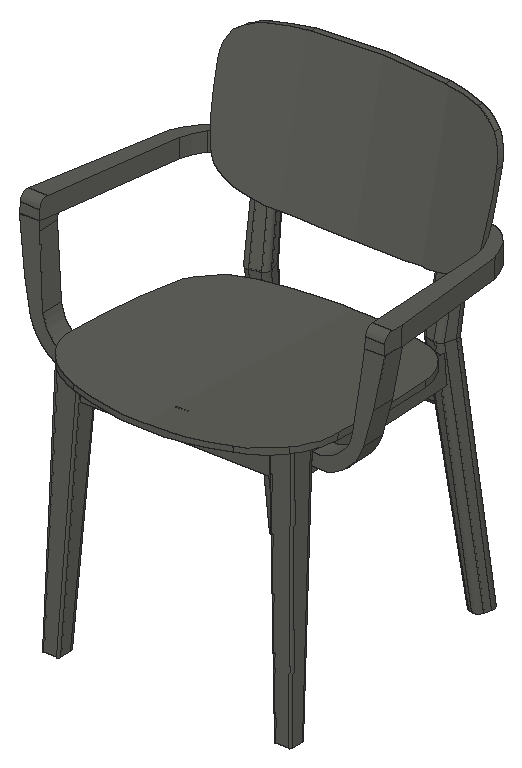
Revit family "FU_Chair_Sandler_Celina 2-12", category Furniture, Revit 2020
Family settings
  OmniClass Number = 23.40.20.00
  OmniClass Title = General Furniture and Specialties
  Work Plane-Based = No
  Always vertical = Yes
  Cut with Voids When Loaded = No
  Shared = No
  Room Calculation Point = No
Parameters (values of type "Celina 2.12")
  Width = 500 mm
  URL = "https://www.sandlerseating.com/product/celina-2-12/"
  Model = "Celina 2.12"
  Manufacturer = "Sandler"
  Height = 820 mm
  Frame = Wood - Beech - Black Stain
  Description = "Armchair with seat and wooden back. The frame is in solid beech."
  Depth = 550 mm
  Default Elevation = 0 mm
  Arm Width = 650 mm
Reference planes
  plane 1 "Center (Front/Back)": y = 0
  plane 2: z = 0
  plane 3 "Center (Left/Right)": x = 0
  plane 4 "Right": x = -250
  plane 5 "Left": x = 250
  plane 6 "Back": y = 275
  plane 7 "Front": y = -275
  plane 8 "Height": z = 820
  plane 9 "Seat height": z = 460
  plane 10 "Right Arm": x = -325
  plane 11 "Left Arm": x = 325
  plane 12 "FL C FRONT": through (206.59, -1524, 5.36) normal (-0.9994, 0, -0.0359)
  plane 13 "BL C Front": through (-178.282, -1524, 5.132) normal (-0.9999, 0, 0.0103)
  plane 14 "FL C RIGHT": through (4267.2, -211.114, 5.562) normal (0, -0.9986, 0.0521)
  plane 15: through (4267.2, 255.502, 4.2) normal (0, -0.9887, -0.1501)
  plane 16: through (4267.2, 190.415, 493.994) normal (0, -0.984, 0.1783)
Forms (mm)
  Sweep 1, solid, material "Wood - Beech - Black Stain" <- "Frame"
    path origin (0.119, 29.292, 439.708) x (0, 0.99863, -0.052336) y (1, 0, 0)
      loop
        line (-311.844, 0) -> (171.86, 0)
    profile "Pro_celina_Seat : Pro_celina_Seat" origin (0.119, -40.604, 443.371) x (1, 0, 0) y (0, -0.052336, -0.99863)
      loop
        arc (237.5, -12.54) -> (0, 0) -> (-237.5, -12.54) r 2255.339
        line (-237.5, -12.54) -> (-237.5, -22.54)
        arc (-237.5, -22.54) -> (0, -10) -> (237.5, -22.54) r 2255.339
        line (237.5, -22.54) -> (237.5, -12.54)
  Extrusion 2, void
    sketch origin (0.119, -20.296, 502.02) x (-1, 0, 0) y (0, -1, 0)
      loop
        line (248.521, -230.925) -> (248.521, 269.075) -> (-251.479, 269.075) -> (-251.479, -230.925) -> (248.521, -230.925)
      loop
        arc (141.879, 235.713) -> (0.119, 256.987) -> (-141.64, 235.713) r 482.927
        arc (-141.64, 235.713) -> (-177.703, 219.068) -> (-208.046, 193.437) r 148.11
        arc (-208.046, 193.437) -> (-229.338, 158.084) -> (-235.769, 117.318) r 107.689
        arc (-235.769, 117.318) -> (-233.624, 13.584) -> (-224.626, -89.781) r 1568.852
        arc (-224.626, -89.781) -> (-196.277, -154.472) -> (-136.874, -192.68) r 122.229
        arc (-136.874, -192.68) -> (0.119, -211.879) -> (137.113, -192.68) r 498.358
        arc (137.113, -192.68) -> (196.516, -154.472) -> (224.865, -89.781) r 122.229
        arc (224.865, -89.781) -> (233.862, 13.584) -> (236.008, 117.318) r 1568.852
        arc (236.008, 117.318) -> (229.577, 158.084) -> (208.285, 193.437) r 107.689
        arc (208.285, 193.437) -> (177.942, 219.068) -> (141.879, 235.713) r 148.11
    from -18.812 to -76.796
  Sweep 3, solid, material "Wood - Beech - Black Stain" <- "Frame"
    path origin (0.119, 37.154, -270.249) x (0, 1, 0) y (0, 0, 1)
      loop
        line (154.569, 770) -> (234.758, 1108.042)
    profile "Pro_celina_Back : Pro_celina_Back" origin (0.119, 231.818, 668.772) x (0, -0.972998, 0.230812) y (1, 0, 0)
      loop
        arc (50.165, -250) -> (10, 0) -> (50.165, 250) r 798.119
        line (50.165, 250) -> (40.165, 250)
        arc (40.165, 250) -> (0, 0) -> (40.165, -250) r 798.125
        line (40.165, -250) -> (50.165, -250)
  Extrusion 4, void
    sketch origin (0.119, 39.342, -270.874) x (1, 0, 0) y (0, 0, 1)
      loop
        line (119.761, 1090) -> (-121.25, 1090)
        arc (-121.25, 1090) -> (-154.552, 1088.857) -> (-187.721, 1085.67) r 541.973
        arc (-187.721, 1085.67) -> (-211.489, 1079.491) -> (-232.923, 1067.503) r 96.341
        arc (-232.923, 1067.503) -> (-245.694, 1045.257) -> (-249.494, 1019.89) r 69.271
        arc (-249.494, 1019.89) -> (-247.861, 958.646) -> (-241.122, 897.751) r 733.414
        arc (-241.122, 897.751) -> (-232.137, 873.763) -> (-214.284, 855.393) r 62.504
        arc (-214.284, 855.393) -> (-182.775, 839.296) -> (-148.432, 830.784) r 154.624
        arc (-148.432, 830.784) -> (-5.305, 821.343) -> (137.883, 829.803) r 1149.301
        arc (137.883, 829.803) -> (177.655, 837.565) -> (214.045, 855.393) r 154.624
        arc (214.045, 855.393) -> (231.898, 873.763) -> (240.883, 897.751) r 62.504
        arc (240.883, 897.751) -> (247.622, 958.646) -> (249.256, 1019.89) r 733.414
        arc (249.256, 1019.89) -> (245.455, 1045.257) -> (232.684, 1067.503) r 69.271
        arc (232.684, 1067.503) -> (211.25, 1079.491) -> (187.482, 1085.67) r 96.341
        arc (187.482, 1085.67) -> (153.689, 1088.897) -> (119.761, 1090) r 541.59
      loop
        line (-260, 1133.116) -> (-260, 753.116) -> (260, 753.116) -> (260, 1133.116) -> (-260, 1133.116)
    from -246.089 to -88.141
  SweptBlend 5, solid, material "Wood - Beech - Black Stain" <- "Frame"
    path origin (206.516, 0, 7.419) x (0.035902, 0, -0.999355) y (0, -1, 0)
      loop
        line (15.798, 211.845) -> (-453.563, 187.36)
    profile origin (207.083, -211.845, -8.369) x (0.00187, 0.998642, -0.052062) y (-0.999355, 0, -0.035902)
      loop
        arc (-14.979, -11.006) -> (-13.796, -13.848) -> (-10.949, -15.021) r 4.023
        line (-10.949, -15.021) -> (11.028, -14.979)
        arc (11.028, -14.979) -> (13.854, -13.803) -> (15.021, -10.972) r 4
        line (15.021, -10.972) -> (14.979, 11.028)
        arc (14.979, 11.028) -> (13.803, 13.854) -> (10.972, 15.021) r 4
        line (10.972, 15.021) -> (-11.028, 14.979)
        arc (-11.028, 14.979) -> (-13.854, 13.803) -> (-15.021, 10.972) r 4
        line (-15.021, 10.972) -> (-14.979, -11.006)
    end profile origin (190.232, -187.36, 460.69) x (0.00187, 0.998642, -0.052062) y (-0.999355, 0, -0.035902)
      loop
        arc (-21.966, -18.041) -> (-20.789, -20.867) -> (-17.959, -22.034) r 4
        line (-17.959, -22.034) -> (18.041, -21.966)
        arc (18.041, -21.966) -> (20.867, -20.789) -> (22.034, -17.959) r 4
        line (22.034, -17.959) -> (21.966, 18.041)
        arc (21.966, 18.041) -> (20.789, 20.867) -> (17.959, 22.034) r 4
        line (17.959, 22.034) -> (-18.041, 21.966)
        arc (-18.041, 21.966) -> (-20.867, 20.789) -> (-22.034, 17.959) r 4
        line (-22.034, 17.959) -> (-21.966, -18.041)
  SweptBlend 6, solid, material "Wood - Beech - Black Stain" <- "Frame"
    path origin (-178.316, 0, 1.838) x (-0.010308, 0, -0.999947) y (0, -1, 0)
      loop
        line (10.63, -257.754) -> (-463.93, -185.692)
    profile origin (-178.425, 257.754, -8.791) x (0.001548, 0.988666, 0.150121) y (-0.999947, 0, 0.010308)
      loop
        line (16.945, 1.2) -> (15.071, 7.954)
        arc (15.071, 7.954) -> (9.652, 14.89) -> (0.916, 15.962) r 11.5
        line (0.916, 15.962) -> (-12.575, 12.22)
        arc (-12.575, 12.22) -> (-19.51, 6.801) -> (-20.583, -1.935) r 11.5
        line (-20.583, -1.935) -> (-18.712, -8.681)
        arc (-18.712, -8.681) -> (-13.292, -15.616) -> (-4.556, -16.688) r 11.5
        line (-4.556, -16.688) -> (8.943, -12.944)
        arc (8.943, -12.944) -> (15.873, -7.529) -> (16.945, 1.2) r 11.49
    end profile origin (-173.534, 185.692, 465.743) x (0.001548, 0.988666, 0.150121) y (-0.999947, 0, 0.010308)
      loop
        line (5.481, 10.089) -> (-14.232, 4.749)
        arc (-14.232, 4.749) -> (-20.595, -0.161) -> (-21.622, -8.131) r 10.5
        line (-21.622, -8.131) -> (-16.447, -27.235)
        arc (-16.447, -27.235) -> (-11.538, -33.597) -> (-3.567, -34.624) r 10.5
        line (-3.567, -34.624) -> (16.146, -29.284)
        arc (16.146, -29.284) -> (22.508, -24.375) -> (23.535, -16.404) r 10.5
        line (23.535, -16.404) -> (18.361, 2.699)
        arc (18.361, 2.699) -> (13.451, 9.061) -> (5.481, 10.089) r 10.5
  SweptBlend 7, solid, material "Wood - Beech - Black Stain" <- "Frame"
    path origin (-178.316, 0, 1.838) x (-0.010308, 0, -0.999947) y (0, -1, 0)
      loop
        line (-447.138, -184.221) -> (-698.053, -229.684)
    profile origin (-173.707, 184.221, 448.952) x (-0.001838, 0.983979, -0.178274) y (-0.999947, 0, 0.010308)
      loop
        line (6.359, 10.097) -> (-14.247, 4.59)
        arc (-14.247, 4.59) -> (-20.626, -0.298) -> (-21.68, -8.265) r 10.5
        line (-21.68, -8.265) -> (-16.57, -27.386)
        arc (-16.57, -27.386) -> (-11.682, -33.765) -> (-3.715, -34.819) r 10.5
        line (-3.715, -34.819) -> (16.891, -29.312)
        arc (16.891, -29.312) -> (23.269, -24.424) -> (24.324, -16.457) r 10.5
        line (24.324, -16.457) -> (19.214, 2.664)
        arc (19.214, 2.664) -> (14.326, 9.042) -> (6.359, 10.097) r 10.5
    end profile origin (-171.12, 229.684, 699.854) x (-0.001838, 0.983979, -0.178274) y (-0.999947, 0, 0.010308)
      loop
        arc (10.888, 12.173) -> (6.714, 17.652) -> (-0.112, 18.575) r 9
        line (-0.112, 18.575) -> (-10.954, 15.71)
        arc (-10.954, 15.71) -> (-16.436, 11.534) -> (-17.36, 4.704) r 9.005
        line (-17.36, 4.704) -> (-12.919, -12.102)
        arc (-12.919, -12.102) -> (-8.745, -17.581) -> (-1.919, -18.504) r 9
        line (-1.919, -18.504) -> (8.928, -15.638)
        arc (8.928, -15.638) -> (14.407, -11.464) -> (15.33, -4.638) r 9
        line (15.33, -4.638) -> (10.888, 12.173)
  Extrusion 8, void
    sketch origin (-178.316, 0, 1.838) x (-0.010308, 0, -0.999947) y (0, -1, 0)
      loop
        line (-458.111, -152.645) -> (-458.111, -224.882) -> (-439.168, -224.882) -> (-439.168, -152.645) -> (-458.111, -152.645)
    from -48.983 to 26.092
  Extrusion 9, void
    sketch origin (-178.316, 0, 1.838) x (-0.010308, 0, -0.999947) y (0, -1, 0)
      loop
        line (-458.228, -152.645) -> (-470.347, -152.645) -> (-470.347, -224.294) -> (-458.228, -224.294) -> (-458.228, -152.645)
    from -48.983 to 26.092
  SweptBlend 10, solid, material "Wood - Beech - Black Stain" <- "Frame"
    path origin (178.316, 0, 1.838) x (0.010308, 0, -0.999947) y (0, 1, 0)
      loop
        line (10.63, 257.754) -> (-463.93, 185.692)
    profile origin (178.425, 257.754, -8.791) x (0.001548, -0.988666, -0.150121) y (0.999947, 0, 0.010308)
      loop
        arc (-16.945, 1.2) -> (-15.873, -7.529) -> (-8.943, -12.944) r 11.49
        line (-8.943, -12.944) -> (4.556, -16.688)
        arc (4.556, -16.688) -> (13.292, -15.616) -> (18.712, -8.681) r 11.5
        line (18.712, -8.681) -> (20.583, -1.935)
        arc (20.583, -1.935) -> (19.51, 6.801) -> (12.575, 12.22) r 11.5
        line (12.575, 12.22) -> (-0.916, 15.962)
        arc (-0.916, 15.962) -> (-9.652, 14.89) -> (-15.071, 7.954) r 11.5
        line (-15.071, 7.954) -> (-16.945, 1.2)
    end profile origin (173.534, 185.692, 465.743) x (0.001548, -0.988666, -0.150121) y (0.999947, 0, 0.010308)
      loop
        arc (-5.481, 10.089) -> (-13.451, 9.061) -> (-18.361, 2.699) r 10.5
        line (-18.361, 2.699) -> (-23.535, -16.404)
        arc (-23.535, -16.404) -> (-22.508, -24.375) -> (-16.146, -29.284) r 10.5
        line (-16.146, -29.284) -> (3.567, -34.624)
        arc (3.567, -34.624) -> (11.538, -33.597) -> (16.447, -27.235) r 10.5
        line (16.447, -27.235) -> (21.622, -8.131)
        arc (21.622, -8.131) -> (20.595, -0.161) -> (14.232, 4.749) r 10.5
        line (14.232, 4.749) -> (-5.481, 10.089)
  SweptBlend 11, solid, material "Wood - Beech - Black Stain" <- "Frame"
    path origin (178.316, 0, 1.838) x (0.010308, 0, -0.999947) y (0, 1, 0)
      loop
        line (-447.138, 184.221) -> (-698.053, 229.684)
    profile origin (173.707, 184.221, 448.952) x (-0.001838, -0.983979, 0.178274) y (0.999947, 0, 0.010308)
      loop
        arc (-6.359, 10.097) -> (-14.326, 9.042) -> (-19.214, 2.664) r 10.5
        line (-19.214, 2.664) -> (-24.324, -16.457)
        arc (-24.324, -16.457) -> (-23.269, -24.424) -> (-16.891, -29.312) r 10.5
        line (-16.891, -29.312) -> (3.715, -34.819)
        arc (3.715, -34.819) -> (11.682, -33.765) -> (16.57, -27.386) r 10.5
        line (16.57, -27.386) -> (21.68, -8.265)
        arc (21.68, -8.265) -> (20.626, -0.298) -> (14.247, 4.59) r 10.5
        line (14.247, 4.59) -> (-6.359, 10.097)
    end profile origin (171.12, 229.684, 699.854) x (-0.001838, -0.983979, 0.178274) y (0.999947, 0, 0.010308)
      loop
        line (-10.888, 12.173) -> (-15.33, -4.638)
        arc (-15.33, -4.638) -> (-14.407, -11.464) -> (-8.928, -15.638) r 9
        line (-8.928, -15.638) -> (1.919, -18.504)
        arc (1.919, -18.504) -> (8.745, -17.581) -> (12.919, -12.102) r 9
        line (12.919, -12.102) -> (17.36, 4.704)
        arc (17.36, 4.704) -> (16.436, 11.534) -> (10.954, 15.71) r 9.005
        line (10.954, 15.71) -> (0.112, 18.575)
        arc (0.112, 18.575) -> (-6.714, 17.652) -> (-10.888, 12.173) r 9
  Extrusion 12, void
    sketch origin (178.316, 0, 1.838) x (0.010308, 0, -0.999947) y (0, 1, 0)
      loop
        line (-458.111, 152.645) -> (-439.168, 152.645) -> (-439.168, 224.882) -> (-458.111, 224.882) -> (-458.111, 152.645)
    from -48.983 to 26.092
  Extrusion 13, void
    sketch origin (178.316, 0, 1.838) x (0.010308, 0, -0.999947) y (0, 1, 0)
      loop
        line (-458.228, 152.645) -> (-458.228, 224.294) -> (-470.347, 224.294) -> (-470.347, 152.645) -> (-458.228, 152.645)
    from -48.983 to 26.092
  SweptBlend 14, solid, material "Wood - Beech - Black Stain" <- "Frame"
    path origin (-206.516, 0, 7.419) x (-0.035902, 0, -0.999355) y (0, 1, 0)
      loop
        line (15.798, -211.845) -> (-453.563, -187.36)
    profile origin (-207.083, -211.845, -8.369) x (0.00187, -0.998642, 0.052062) y (0.999355, 0, -0.035902)
      loop
        line (14.979, -11.006) -> (15.021, 10.972)
        arc (15.021, 10.972) -> (13.854, 13.803) -> (11.028, 14.979) r 4
        line (11.028, 14.979) -> (-10.972, 15.021)
        arc (-10.972, 15.021) -> (-13.803, 13.854) -> (-14.979, 11.028) r 4
        line (-14.979, 11.028) -> (-15.021, -10.972)
        arc (-15.021, -10.972) -> (-13.854, -13.803) -> (-11.028, -14.979) r 4
        line (-11.028, -14.979) -> (10.949, -15.021)
        arc (10.949, -15.021) -> (13.796, -13.848) -> (14.979, -11.006) r 4.023
    end profile origin (-190.232, -187.36, 460.69) x (0.00187, -0.998642, 0.052062) y (0.999355, 0, -0.035902)
      loop
        line (21.966, -18.041) -> (22.034, 17.959)
        arc (22.034, 17.959) -> (20.867, 20.789) -> (18.041, 21.966) r 4
        line (18.041, 21.966) -> (-17.959, 22.034)
        arc (-17.959, 22.034) -> (-20.789, 20.867) -> (-21.966, 18.041) r 4
        line (-21.966, 18.041) -> (-22.034, -17.959)
        arc (-22.034, -17.959) -> (-20.867, -20.789) -> (-18.041, -21.966) r 4
        line (-18.041, -21.966) -> (17.959, -22.034)
        arc (17.959, -22.034) -> (20.789, -20.867) -> (21.966, -18.041) r 4
  Extrusion 15, solid, material "Wood - Beech - Black Stain" <- "Frame"
    sketch origin (0, 0, 460) x (-1, 0, 0) y (0, -1, 0)
      loop
        line (175.074, 174.445) -> (175.074, 205.637) -> (-174.926, 205.637) -> (-174.926, 174.445) -> (175.074, 174.445)
      loop
        line (207.36, 174.272) -> (178.067, 176.828) -> (146.379, -186.366) -> (176.28, -181.947) -> (207.36, 174.272)
      loop
        line (-207.36, 174.272) -> (-176.28, -181.947) -> (-146.379, -186.366) -> (-178.067, 176.828) -> (-207.36, 174.272)
    from 0 to -78.018
  Sweep 16, void
    path origin (0.119, 30.664, 441.798) x (0, 0.99863, -0.052336) y (1, 0, 0)
      loop
        line (-311.844, 0) -> (193.156, 0)
    profile "Pro_celina_Seat-cut : Pro_celina_Seat-cut" origin (0.119, -28.599, 444.904) x (1, 0, 0) y (0, -0.052336, -0.99863)
      loop
        arc (237.5, -12.54) -> (0, 0) -> (-237.5, -12.54) r 2255.339
        line (-237.5, -12.54) -> (-237.5, -65.04)
        arc (-237.5, -65.04) -> (0, -52.5) -> (237.5, -65.04) r 2255.339
        line (237.5, -65.04) -> (237.5, -12.54)
  Extrusion 17, void
    sketch origin (0, 0, 0) x (0, 1, 0) y (0, 0, 1)
      loop
        line (-229.224, 409.273) -> (-229.224, 334.273) -> (230.12, 334.273) -> (230.12, 384.715) -> (-229.224, 409.273)
    from -250 to 250
  Extrusion 18, solid, material "Wood - Beech - Black Stain" <- "Frame"
    sketch origin (0, 0, 0) x (0, 1, 0) y (0, 0, 1)
      loop
        arc (213.056, 367.317) -> (210.682, 371.248) -> (206.223, 372.348) r 6
        line (206.223, 372.348) -> (198.535, 371.181)
        arc (198.535, 371.181) -> (194.604, 368.806) -> (193.503, 364.348) r 6
        line (193.503, 364.348) -> (197.257, 339.631)
        arc (197.257, 339.631) -> (199.631, 335.701) -> (204.09, 334.6) r 6
        line (204.09, 334.6) -> (211.778, 335.768)
        arc (211.778, 335.768) -> (215.709, 338.142) -> (216.81, 342.601) r 6
        line (216.81, 342.601) -> (213.056, 367.317)
    from -168 to 168
  Extrusion 19, void
    sketch origin (0, 0, 0) x (0, 1, 0) y (0, 0, 1)
      loop
        line (-275, 0) -> (-275, -32.791) -> (280, -32.791) -> (280, 0) -> (-275, 0)
    from -250 to 250
Cuts and joins
  Extrusion 2 cuts Sweep 1
  Extrusion 4 cuts Sweep 3
  Extrusion 8 cuts SweptBlend 7
  Extrusion 9, Extrusion 19 cuts SweptBlend 6
  Extrusion 12 cuts SweptBlend 11
  Extrusion 13, Extrusion 19 cuts SweptBlend 10
  Sweep 16, Extrusion 17 cuts Extrusion 15
  Extrusion 19 cuts SweptBlend 14
  Extrusion 19 cuts SweptBlend 5
Dimensions and locks
  equal spacing: plane 4 "Right", plane 3 "Center (Left/Right)", plane 5 "Left"
  "Width": plane 4 "Right" to plane 5 "Left"
  equal spacing: plane 6 "Back", plane 1 "Center (Front/Back)", plane 7 "Front"
  "Depth": plane 6 "Back" to plane 7 "Front"
  "Height": plane 8 "Height" to level
  plane 9 "Seat height" to level = 460 mm
  equal spacing: plane 10 "Right Arm", plane 3 "Center (Left/Right)", plane 11 "Left Arm"
  "Arm Width": plane 10 "Right Arm" to plane 11 "Left Arm"
  aligned and locked: level to plane 2
Automatic sketch dimensions
  plane 3 "Center (Left/Right)" to Sweep 1 sketch curve = 0.119 mm
  Sweep 1 sketch curve to Sweep 1 sketch curve = 483.704 mm
  Extrusion 2 sketch curve to plane 3 "Center (Left/Right)" = 0 mm  (x2)
  plane 3 "Center (Left/Right)" to Extrusion 2 sketch curve = 98.283 mm
  Extrusion 2 sketch curve to plane 1 "Center (Front/Back)" = 54.865 mm  (x2)
  plane 3 "Center (Left/Right)" to Extrusion 2 sketch curve = 103.394 mm
  Extrusion 2 sketch curve to Extrusion 2 sketch curve = 29.988 mm  (x2)
  Extrusion 2 sketch curve to plane 5 "Left" = 1.598 mm
  plane 1 "Center (Front/Back)" to Extrusion 2 sketch curve = 118.175 mm  (x2)
  Extrusion 2 sketch curve to plane 11 "Left Arm" = 1007.843 mm
  Extrusion 2 sketch curve to plane 3 "Center (Left/Right)" = 98.283 mm
  Extrusion 2 sketch curve to plane 3 "Center (Left/Right)" = 103.394 mm
  Extrusion 2 sketch curve to plane 4 "Right" = 1.598 mm
  plane 10 "Right Arm" to Extrusion 2 sketch curve = 1007.843 mm
  Extrusion 2 sketch curve to plane 6 "Back" = 69.356 mm
  Extrusion 2 sketch curve to plane 6 "Back" = 64.371 mm
  plane 1 "Center (Front/Back)" to Extrusion 2 sketch curve = 114.424 mm  (x2)
  Extrusion 2 sketch curve to Extrusion 2 sketch curve = 27.102 mm  (x2)
  Extrusion 2 sketch curve to plane 7 "Front" = 14.371 mm
  Extrusion 2 sketch curve to plane 7 "Front" = 31.774 mm
  Extrusion 2 sketch curve to plane 6 "Back" = 102.616 mm
  Extrusion 2 sketch curve to Extrusion 2 sketch curve = 0 mm  (x8)
  plane 7 "Front" to Extrusion 2 sketch curve = 18.991 mm
  plane 9 "Seat height" to Sweep 3 sketch curve = 39.751 mm
  Sweep 3 sketch curve to plane 6 "Back" = 83.277 mm
  Sweep 3 sketch curve to plane 6 "Back" = 3.087 mm
  plane 8 "Height" to Sweep 3 sketch curve = 17.793 mm
  plane 10 "Right Arm" to Extrusion 4 sketch curve = 158.955 mm
  plane 4 "Right" to Extrusion 4 sketch curve = 9.881 mm
  Extrusion 4 sketch curve to plane 4 "Right" = 69.848 mm
  Extrusion 4 sketch curve to plane 4 "Right" = 70.781 mm
  Extrusion 4 sketch curve to Extrusion 4 sketch curve = 4.71 mm  (x2)
  Extrusion 4 sketch curve to Extrusion 4 sketch curve = 46.915 mm  (x2)
  Extrusion 4 sketch curve to plane 8 "Height" = 0.874 mm
  Extrusion 4 sketch curve to Extrusion 4 sketch curve = 59.022 mm
  Extrusion 4 sketch curve to plane 3 "Center (Left/Right)" = 119.201 mm
  Extrusion 4 sketch curve to plane 3 "Center (Left/Right)" = 1.25 mm
  plane 3 "Center (Left/Right)" to Extrusion 4 sketch curve = 119.25 mm
  plane 3 "Center (Left/Right)" to Extrusion 4 sketch curve = 119.881 mm
  Extrusion 4 sketch curve to Extrusion 4 sketch curve = 8.647 mm
  plane 5 "Left" to Extrusion 4 sketch curve = 70.781 mm
  Extrusion 4 sketch curve to plane 5 "Left" = 10.119 mm
  Extrusion 4 sketch curve to plane 8 "Height" = 82.07 mm  (x2)
  Extrusion 4 sketch curve to plane 11 "Left Arm" = 158.955 mm
  Extrusion 4 sketch curve to plane 8 "Height" = 100.775 mm  (x2)
  Extrusion 4 sketch curve to Extrusion 4 sketch curve = 5.963 mm  (x2)
  Extrusion 4 sketch curve to Extrusion 4 sketch curve = 82.884 mm  (x2)
  plane 9 "Seat height" to Extrusion 4 sketch curve = 22.242 mm
  Extrusion 4 sketch curve to plane 9 "Seat height" = 182.463 mm
  Extrusion 4 sketch curve to plane 9 "Seat height" = 182.844 mm
  Extrusion 4 sketch curve to Extrusion 4 sketch curve = 32.388 mm  (x2)
  plane 8 "Height" to Extrusion 4 sketch curve = 42.242 mm
  Extrusion 4 sketch curve to Extrusion 4 sketch curve = 837.521 mm
  Extrusion 4 sketch curve to plane 4 "Right" = 0.625 mm
  Extrusion 4 sketch curve to plane 4 "Right" = 8.998 mm
  Extrusion 4 sketch curve to Extrusion 4 sketch curve = 0 mm  (x4)
  Extrusion 4 sketch curve to plane 4 "Right" = 17.196 mm
  Extrusion 4 sketch curve to plane 4 "Right" = 35.836 mm
  Extrusion 4 sketch curve to Extrusion 4 sketch curve = 41.216 mm
  plane 5 "Left" to Extrusion 4 sketch curve = 35.836 mm
  plane 5 "Left" to Extrusion 4 sketch curve = 17.196 mm
  plane 7 "Front" to SweptBlend 5 sketch curve = 87.64 mm
  plane 7 "Front" to SweptBlend 5 sketch curve = 63.155 mm
  SweptBlend 5 sketch curve to SweptBlend 5 sketch curve = 469.362 mm
  profile plane to SweptBlend 5 sketch curve = 15.021 mm
  profile plane to SweptBlend 5 sketch curve = 14.979 mm
  SweptBlend 5 sketch curve to SweptBlend 5 sketch curve = 3.993 mm  (x3)
  SweptBlend 5 sketch curve to SweptBlend 5 sketch curve = 4 mm  (x9)
  SweptBlend 5 sketch curve to SweptBlend 5 sketch curve = 4.023 mm
  SweptBlend 5 sketch curve to SweptBlend 5 sketch curve = 0.008 mm
  SweptBlend 5 sketch curve to profile plane = 10.972 mm
  SweptBlend 5 sketch curve to SweptBlend 5 sketch curve = 0.007 mm  (x9)
  SweptBlend 5 sketch curve to profile plane = 11.021 mm
  SweptBlend 5 sketch curve to plane 12 "FL C FRONT" = 15.021 mm
  SweptBlend 5 sketch curve to plane 12 "FL C FRONT" = 14.979 mm
  SweptBlend 5 sketch curve to SweptBlend 5 sketch curve = 4.015 mm
  plane 12 "FL C FRONT" to SweptBlend 5 sketch curve = 10.972 mm
  plane 12 "FL C FRONT" to SweptBlend 5 sketch curve = 11.021 mm
  profile plane to SweptBlend 5 sketch curve = 22.034 mm
  profile plane to SweptBlend 5 sketch curve = 21.966 mm
  SweptBlend 5 sketch curve to profile plane = 17.959 mm
  SweptBlend 5 sketch curve to profile plane = 18.034 mm
  SweptBlend 5 sketch curve to plane 12 "FL C FRONT" = 22.034 mm
  SweptBlend 5 sketch curve to plane 12 "FL C FRONT" = 21.966 mm
  plane 12 "FL C FRONT" to SweptBlend 5 sketch curve = 17.959 mm
  plane 12 "FL C FRONT" to SweptBlend 5 sketch curve = 18.034 mm
  SweptBlend 6 sketch curve to plane 6 "Back" = 89.308 mm
  SweptBlend 6 sketch curve to plane 6 "Back" = 17.246 mm
  SweptBlend 6 sketch curve to SweptBlend 6 sketch curve = 474.56 mm
  SweptBlend 6 sketch curve to plane 13 "BL C Front" = 1.935 mm
  profile plane to SweptBlend 6 sketch curve = 20.583 mm
  SweptBlend 6 sketch curve to plane 13 "BL C Front" = 8.681 mm
  SweptBlend 6 sketch curve to SweptBlend 6 sketch curve = 1.871 mm  (x2)
  profile plane to SweptBlend 6 sketch curve = 12.575 mm
  plane 13 "BL C Front" to SweptBlend 6 sketch curve = 1.138 mm
  profile plane to SweptBlend 6 sketch curve = 9.501 mm
  profile plane to SweptBlend 6 sketch curve = 4.556 mm
  SweptBlend 6 sketch curve to profile plane = 0.916 mm
  SweptBlend 6 sketch curve to profile plane = 3.99 mm
  SweptBlend 6 sketch curve to plane 13 "BL C Front" = 1.872 mm
  SweptBlend 6 sketch curve to profile plane = 5.872 mm
  SweptBlend 6 sketch curve to profile plane = 8.943 mm
  plane 13 "BL C Front" to SweptBlend 6 sketch curve = 7.954 mm
  SweptBlend 6 sketch curve to SweptBlend 6 sketch curve = 11.082 mm
  plane 13 "BL C Front" to SweptBlend 6 sketch curve = 1.2 mm
  SweptBlend 6 sketch curve to SweptBlend 6 sketch curve = 1.874 mm
  SweptBlend 6 sketch curve to SweptBlend 6 sketch curve = 3.745 mm
  plane 13 "BL C Front" to SweptBlend 6 sketch curve = 4.88 mm
  SweptBlend 6 sketch curve to plane 13 "BL C Front" = 8.131 mm
  profile plane to SweptBlend 6 sketch curve = 21.622 mm
  profile plane to SweptBlend 6 sketch curve = 16.447 mm
  plane 13 "BL C Front" to SweptBlend 6 sketch curve = 4.749 mm
  profile plane to SweptBlend 6 sketch curve = 14.232 mm
  SweptBlend 6 sketch curve to plane 13 "BL C Front" = 5.386 mm
  profile plane to SweptBlend 6 sketch curve = 6.313 mm
  profile plane to SweptBlend 6 sketch curve = 3.567 mm
  SweptBlend 6 sketch curve to profile plane = 5.481 mm
  SweptBlend 6 sketch curve to plane 13 "BL C Front" = 0.046 mm
  SweptBlend 6 sketch curve to profile plane = 8.226 mm
  SweptBlend 6 sketch curve to profile plane = 13.4 mm
  SweptBlend 6 sketch curve to SweptBlend 6 sketch curve = 2.745 mm  (x3)
  plane 13 "BL C Front" to SweptBlend 6 sketch curve = 2.699 mm
  SweptBlend 6 sketch curve to SweptBlend 6 sketch curve = 10.135 mm  (x2)
  SweptBlend 6 sketch curve to plane 13 "BL C Front" = 16.404 mm
  SweptBlend 6 sketch curve to SweptBlend 6 sketch curve = 19.103 mm
  SweptBlend 7 sketch curve to plane 6 "Back" = 45.316 mm
  SweptBlend 7 sketch curve to plane 6 "Back" = 90.779 mm
  SweptBlend 7 sketch curve to SweptBlend 7 sketch curve = 250.915 mm
  plane 13 "BL C Front" to SweptBlend 7 sketch curve = 4.704 mm
  profile plane to SweptBlend 7 sketch curve = 17.36 mm
  profile plane to SweptBlend 7 sketch curve = 12.919 mm
  profile plane to SweptBlend 7 sketch curve = 10.954 mm
  profile plane to SweptBlend 7 sketch curve = 8.654 mm
  profile plane to SweptBlend 7 sketch curve = 4.218 mm
  profile plane to SweptBlend 7 sketch curve = 1.919 mm
  profile plane to SweptBlend 7 sketch curve = 0.112 mm
  SweptBlend 7 sketch curve to profile plane = 2.187 mm
  SweptBlend 7 sketch curve to profile plane = 6.628 mm
  SweptBlend 7 sketch curve to profile plane = 8.928 mm
  SweptBlend 7 sketch curve to SweptBlend 7 sketch curve = 8.701 mm  (x2)
  SweptBlend 7 sketch curve to plane 13 "BL C Front" = 4.638 mm
  SweptBlend 7 sketch curve to plane 13 "BL C Front" = 6.937 mm
  SweptBlend 7 sketch curve to plane 13 "BL C Front" = 9.803 mm
  SweptBlend 7 sketch curve to SweptBlend 7 sketch curve = 2.299 mm  (x2)
  plane 13 "BL C Front" to SweptBlend 7 sketch curve = 7.004 mm
  plane 13 "BL C Front" to SweptBlend 7 sketch curve = 9.873 mm
  SweptBlend 7 sketch curve to plane 13 "BL C Front" = 8.265 mm
  profile plane to SweptBlend 7 sketch curve = 21.68 mm
  profile plane to SweptBlend 7 sketch curve = 16.57 mm
  plane 13 "BL C Front" to SweptBlend 7 sketch curve = 4.59 mm
  profile plane to SweptBlend 7 sketch curve = 14.247 mm
  SweptBlend 7 sketch curve to plane 13 "BL C Front" = 5.554 mm
  profile plane to SweptBlend 7 sketch curve = 6.426 mm
  profile plane to SweptBlend 7 sketch curve = 3.715 mm
  SweptBlend 7 sketch curve to profile plane = 6.359 mm
  SweptBlend 7 sketch curve to plane 13 "BL C Front" = 0.047 mm
  SweptBlend 7 sketch curve to profile plane = 9.07 mm
  SweptBlend 7 sketch curve to profile plane = 14.18 mm
  SweptBlend 7 sketch curve to SweptBlend 7 sketch curve = 2.711 mm  (x3)
  plane 13 "BL C Front" to SweptBlend 7 sketch curve = 2.664 mm
  SweptBlend 7 sketch curve to SweptBlend 7 sketch curve = 10.144 mm  (x2)
  SweptBlend 7 sketch curve to plane 13 "BL C Front" = 16.457 mm
  SweptBlend 7 sketch curve to SweptBlend 7 sketch curve = 19.121 mm
  Extrusion 8 sketch curve to plane 6 "Back" = 50.118 mm
  Extrusion 8 sketch curve to Extrusion 8 sketch curve = 18.943 mm
  Extrusion 8 sketch curve to Extrusion 8 sketch curve = 72.237 mm
  Extrusion 9 sketch curve to plane 6 "Back" = 122.355 mm
  Extrusion 9 sketch curve to Extrusion 9 sketch curve = 12.119 mm
  Extrusion 9 sketch curve to plane 6 "Back" = 50.706 mm
  SweptBlend 10 sketch curve to plane 6 "Back" = 89.308 mm
  SweptBlend 10 sketch curve to plane 6 "Back" = 17.246 mm
  SweptBlend 10 sketch curve to SweptBlend 10 sketch curve = 474.56 mm
  profile plane to SweptBlend 10 sketch curve = 1.2 mm
  profile plane to SweptBlend 10 sketch curve = 16.945 mm
  SweptBlend 10 sketch curve to SweptBlend 10 sketch curve = 1.874 mm
  profile plane to SweptBlend 10 sketch curve = 8.943 mm
  SweptBlend 10 sketch curve to profile plane = 1.872 mm
  profile plane to SweptBlend 10 sketch curve = 5.872 mm
  profile plane to SweptBlend 10 sketch curve = 3.99 mm
  profile plane to SweptBlend 10 sketch curve = 0.916 mm
  SweptBlend 10 sketch curve to profile plane = 4.556 mm
  SweptBlend 10 sketch curve to profile plane = 7.63 mm
  profile plane to SweptBlend 10 sketch curve = 1.138 mm
  SweptBlend 10 sketch curve to SweptBlend 10 sketch curve = 1.871 mm  (x2)
  SweptBlend 10 sketch curve to SweptBlend 10 sketch curve = 3.074 mm
  SweptBlend 10 sketch curve to profile plane = 8.681 mm
  SweptBlend 10 sketch curve to SweptBlend 10 sketch curve = 11.082 mm
  SweptBlend 10 sketch curve to profile plane = 1.935 mm
  SweptBlend 10 sketch curve to SweptBlend 10 sketch curve = 3.745 mm
  profile plane to SweptBlend 10 sketch curve = 4.88 mm
  SweptBlend 10 sketch curve to SweptBlend 10 sketch curve = 6.754 mm
  profile plane to SweptBlend 10 sketch curve = 23.535 mm
  profile plane to SweptBlend 10 sketch curve = 2.699 mm
  profile plane to SweptBlend 10 sketch curve = 18.361 mm
  SweptBlend 10 sketch curve to SweptBlend 10 sketch curve = 7.389 mm
  SweptBlend 10 sketch curve to SweptBlend 10 sketch curve = 10.135 mm  (x2)
  SweptBlend 10 sketch curve to profile plane = 0.046 mm
  profile plane to SweptBlend 10 sketch curve = 8.226 mm
  profile plane to SweptBlend 10 sketch curve = 5.481 mm
  SweptBlend 10 sketch curve to profile plane = 3.567 mm
  SweptBlend 10 sketch curve to profile plane = 6.313 mm
  SweptBlend 10 sketch curve to profile plane = 5.386 mm
  SweptBlend 10 sketch curve to profile plane = 11.487 mm
  profile plane to SweptBlend 10 sketch curve = 4.749 mm
  SweptBlend 10 sketch curve to SweptBlend 10 sketch curve = 2.745 mm  (x3)
  SweptBlend 10 sketch curve to profile plane = 8.131 mm
  SweptBlend 10 sketch curve to profile plane = 16.404 mm
  SweptBlend 10 sketch curve to SweptBlend 10 sketch curve = 19.103 mm
  SweptBlend 11 sketch curve to plane 6 "Back" = 45.316 mm
  SweptBlend 11 sketch curve to plane 6 "Back" = 90.779 mm
  SweptBlend 11 sketch curve to SweptBlend 11 sketch curve = 250.915 mm
  SweptBlend 11 sketch curve to profile plane = 4.638 mm
  profile plane to SweptBlend 11 sketch curve = 15.33 mm
  profile plane to SweptBlend 11 sketch curve = 10.888 mm
  profile plane to SweptBlend 11 sketch curve = 8.928 mm
  profile plane to SweptBlend 11 sketch curve = 6.628 mm
  profile plane to SweptBlend 11 sketch curve = 2.187 mm
  SweptBlend 11 sketch curve to profile plane = 0.112 mm
  SweptBlend 11 sketch curve to profile plane = 1.919 mm
  SweptBlend 11 sketch curve to profile plane = 4.218 mm
  SweptBlend 11 sketch curve to profile plane = 8.654 mm
  SweptBlend 11 sketch curve to SweptBlend 11 sketch curve = 2.3 mm
  SweptBlend 11 sketch curve to SweptBlend 11 sketch curve = 8.701 mm
  profile plane to SweptBlend 11 sketch curve = 4.704 mm
  SweptBlend 11 sketch curve to SweptBlend 11 sketch curve = 8.706 mm
  SweptBlend 11 sketch curve to profile plane = 6.937 mm
  SweptBlend 11 sketch curve to profile plane = 9.803 mm
  SweptBlend 11 sketch curve to SweptBlend 11 sketch curve = 2.299 mm  (x2)
  profile plane to SweptBlend 11 sketch curve = 7.004 mm
  profile plane to SweptBlend 11 sketch curve = 9.873 mm
  profile plane to SweptBlend 11 sketch curve = 24.324 mm
  profile plane to SweptBlend 11 sketch curve = 2.664 mm
  profile plane to SweptBlend 11 sketch curve = 19.214 mm
  SweptBlend 11 sketch curve to SweptBlend 11 sketch curve = 7.433 mm
  SweptBlend 11 sketch curve to SweptBlend 11 sketch curve = 10.144 mm  (x2)
  SweptBlend 11 sketch curve to profile plane = 0.047 mm
  profile plane to SweptBlend 11 sketch curve = 9.07 mm
  profile plane to SweptBlend 11 sketch curve = 6.359 mm
  SweptBlend 11 sketch curve to profile plane = 3.715 mm
  SweptBlend 11 sketch curve to profile plane = 6.426 mm
  SweptBlend 11 sketch curve to profile plane = 5.554 mm
  SweptBlend 11 sketch curve to profile plane = 11.536 mm
  profile plane to SweptBlend 11 sketch curve = 4.59 mm
  SweptBlend 11 sketch curve to SweptBlend 11 sketch curve = 2.711 mm  (x3)
  SweptBlend 11 sketch curve to profile plane = 8.265 mm
  SweptBlend 11 sketch curve to profile plane = 16.457 mm
  SweptBlend 11 sketch curve to SweptBlend 11 sketch curve = 19.121 mm
  Extrusion 12 sketch curve to plane 6 "Back" = 50.118 mm
  Extrusion 12 sketch curve to Extrusion 12 sketch curve = 18.943 mm
  Extrusion 12 sketch curve to Extrusion 12 sketch curve = 72.237 mm
  Extrusion 13 sketch curve to plane 6 "Back" = 122.355 mm
  Extrusion 13 sketch curve to Extrusion 13 sketch curve = 12.119 mm
  Extrusion 13 sketch curve to plane 6 "Back" = 50.706 mm
  plane 7 "Front" to SweptBlend 14 sketch curve = 87.64 mm
  plane 7 "Front" to SweptBlend 14 sketch curve = 63.155 mm
  SweptBlend 14 sketch curve to SweptBlend 14 sketch curve = 469.362 mm
  profile plane to SweptBlend 14 sketch curve = 15.021 mm
  profile plane to SweptBlend 14 sketch curve = 14.979 mm
  SweptBlend 14 sketch curve to SweptBlend 14 sketch curve = 3.993 mm  (x3)
  SweptBlend 14 sketch curve to SweptBlend 14 sketch curve = 4 mm  (x9)
  SweptBlend 14 sketch curve to SweptBlend 14 sketch curve = 0.007 mm  (x9)
  SweptBlend 14 sketch curve to profile plane = 10.949 mm
  SweptBlend 14 sketch curve to SweptBlend 14 sketch curve = 0.008 mm
  SweptBlend 14 sketch curve to profile plane = 11.021 mm
  SweptBlend 14 sketch curve to SweptBlend 14 sketch curve = 4.023 mm
  SweptBlend 14 sketch curve to profile plane = 15.021 mm
  SweptBlend 14 sketch curve to profile plane = 14.979 mm
  SweptBlend 14 sketch curve to SweptBlend 14 sketch curve = 4.015 mm
  profile plane to SweptBlend 14 sketch curve = 10.972 mm
  profile plane to SweptBlend 14 sketch curve = 11.021 mm
  profile plane to SweptBlend 14 sketch curve = 22.034 mm
  profile plane to SweptBlend 14 sketch curve = 21.966 mm
  SweptBlend 14 sketch curve to profile plane = 17.959 mm
  SweptBlend 14 sketch curve to profile plane = 18.034 mm
  SweptBlend 14 sketch curve to profile plane = 22.034 mm
  SweptBlend 14 sketch curve to profile plane = 21.966 mm
  profile plane to SweptBlend 14 sketch curve = 17.959 mm
  profile plane to SweptBlend 14 sketch curve = 18.034 mm
  plane 5 "Left" to Extrusion 15 sketch curve = 42.64 mm
  Extrusion 15 sketch curve to Extrusion 15 sketch curve = 29.293 mm  (x2)
  plane 5 "Left" to Extrusion 15 sketch curve = 73.72 mm
  Extrusion 15 sketch curve to Extrusion 15 sketch curve = 3.142 mm
  Extrusion 15 sketch curve to plane 6 "Back" = 88.634 mm  (x2)
  Extrusion 15 sketch curve to Extrusion 15 sketch curve = 29.901 mm  (x2)
  Extrusion 15 sketch curve to plane 4 "Right" = 103.621 mm
  Extrusion 15 sketch curve to plane 4 "Right" = 74.926 mm
  Extrusion 15 sketch curve to Extrusion 15 sketch curve = 2.993 mm
  Extrusion 15 sketch curve to Extrusion 15 sketch curve = 4.419 mm  (x2)
  Extrusion 15 sketch curve to Extrusion 15 sketch curve = 2.383 mm
  Extrusion 15 sketch curve to Extrusion 15 sketch curve = 28.809 mm
  plane 3 "Center (Left/Right)" to Sweep 16 sketch curve = 0.119 mm
  Sweep 16 sketch curve to Sweep 16 sketch curve = 505 mm
  plane 7 "Front" to Extrusion 17 sketch curve = 45.776 mm
  Extrusion 17 sketch curve to plane 6 "Back" = 44.88 mm
  Extrusion 17 sketch curve to plane 9 "Seat height" = 125.727 mm
  Extrusion 17 sketch curve to Extrusion 17 sketch curve = 50.442 mm
  Extrusion 17 sketch curve to plane 9 "Seat height" = 50.727 mm
  Extrusion 18 sketch curve to plane 6 "Back" = 81.497 mm
  Extrusion 18 sketch curve to Extrusion 18 sketch curve = 3.753 mm
  Extrusion 18 sketch curve to Extrusion 18 sketch curve = 5.031 mm  (x2)
  Extrusion 18 sketch curve to Extrusion 18 sketch curve = 5.932 mm  (x5)
  Extrusion 18 sketch curve to Extrusion 18 sketch curve = 0.901 mm  (x5)
  Extrusion 18 sketch curve to Extrusion 18 sketch curve = 7.689 mm  (x2)
  Extrusion 18 sketch curve to plane 9 "Seat height" = 125.4 mm
  Extrusion 18 sketch curve to Extrusion 18 sketch curve = 1.168 mm  (x2)
  Extrusion 18 sketch curve to Extrusion 18 sketch curve = 24.717 mm
  Extrusion 19 sketch curve to plane 7 "Front" = 0 mm
  Extrusion 19 sketch curve to level = 0 mm
  plane 6 "Back" to Extrusion 19 sketch curve = 5 mm
  Extrusion 19 sketch curve to level = 32.791 mm
Nested families
  nested 1: "Celina_Arms" at (0, 0, 0), Frame <- "Frame", type "Celina_Arms"
    with Frame Wood - Beech - Black Stain
Definition of nested family "Celina_Arms"
  Parameters (values of type "Celina_Arms")
    Width = 500 mm
    Height = 820 mm
    Frame [instance] = none
    Depth = 550 mm
    Default Elevation = 0 mm
    Arm Width = 650 mm
  Reference planes
    plane 1 "Center (Front/Back)": y = 0
    plane 2: z = 0
    plane 3 "Center (Left/Right)": x = 0
    plane 4 "Right": x = -250
    plane 5 "Left": x = 250
    plane 6 "Back": y = 275
    plane 7 "Front": y = -275
    plane 8 "Height": z = 820
    plane 9 "Seat height": z = 460
    plane 10 "Right Arm": x = -325
    plane 11 "Left Arm": x = 325
  Forms (mm)
    Extrusion 1, solid, material <- "Frame"
      sketch origin (325, 0, 0) x (0, -1, 0) y (0, 0, 1)
        loop
          line (146.111, 628.869) -> (144.818, 646.848)
          arc (144.818, 646.848) -> (139.438, 657.704) -> (127.99, 661.677) r 16
          line (127.99, 661.677) -> (-239.481, 641.695) -> (-239.481, 607.902) -> (146.111, 628.869)
      from -10.448 to 150.074
    Extrusion 2, solid, material <- "Frame"
      sketch origin (-325, 0, 0) x (0, -1, 0) y (0, 0, -1)
        loop
          line (146.111, -628.869) -> (-239.481, -607.902) -> (-239.481, -641.695) -> (127.99, -661.677)
          arc (127.99, -661.677) -> (139.438, -657.704) -> (144.818, -646.848) r 16
          line (144.818, -646.848) -> (146.111, -628.869)
      from -10.448 to 150.074
    Extrusion 3, void
      sketch origin (0, 0, 460) x (-1, 0, 0) y (0, -1, 0)
        loop
          arc (-289.988, -144.211) -> (-310.226, -19.146) -> (-325, 106.682) r 2909.627
          line (-325, 106.682) -> (-325, 175.52) -> (-356.736, 175.52) -> (-356.736, -273.129) -> (-171.736, -273.129) -> (-171.736, -225.515) -> (-196.736, -225.515)
          arc (-196.736, -225.515) -> (-229.084, -220.01) -> (-256.695, -202.281) r 82.126
          arc (-256.695, -202.281) -> (-277.408, -175.577) -> (-289.988, -144.211) r 121.838
        loop
          arc (-290.74, 176.676) -> (-284.634, 20.775) -> (-266.248, -134.157) r 1976.123
          arc (-266.248, -134.157) -> (-260.329, -156.38) -> (-250, -176.928) r 112.139
          arc (-250, -176.928) -> (-225.921, -195.986) -> (-196.121, -203.397) r 72.67
          line (-196.121, -203.397) -> (-171.736, -203.397) -> (-171.736, 176.676) -> (-290.74, 176.676)
      from 142.77 to 205.121
    Extrusion 4, void
      sketch origin (0, 0, 460) x (1, 0, 0) y (0, 1, 0)
        loop
          arc (-289.988, 144.211) -> (-277.408, 175.577) -> (-256.695, 202.281) r 121.838
          arc (-256.695, 202.281) -> (-229.084, 220.01) -> (-196.736, 225.515) r 82.126
          line (-196.736, 225.515) -> (-171.736, 225.515) -> (-171.736, 273.129) -> (-356.736, 273.129) -> (-356.736, -175.52) -> (-327.064, -175.52)
          arc (-327.064, -175.52) -> (-314.598, -14.951) -> (-289.988, 144.211) r 2121.819
        loop
          line (-290.74, -176.676) -> (-171.736, -176.676) -> (-171.736, 203.397) -> (-196.121, 203.397)
          arc (-196.121, 203.397) -> (-225.921, 195.986) -> (-250, 176.928) r 72.67
          arc (-250, 176.928) -> (-260.329, 156.38) -> (-266.248, 134.157) r 112.139
          arc (-266.248, 134.157) -> (-284.634, -20.775) -> (-290.74, -176.676) r 1976.123
      from 142.77 to 205.121
    Extrusion 5, solid, material <- "Frame"
      sketch origin (325, 0, 0) x (0, -1, 0) y (0, 0, 1)
        loop
          line (146.111, 628.869) -> (106.266, 626.702) -> (121.343, 417.012) -> (161.193, 419.09) -> (146.111, 628.869)
      from -10.448 to 133.583
    Extrusion 6, void
      sketch origin (0, 0, 0) x (1, 0, 0) y (0, 0, 1)
        loop
          arc (207.36, 440.3) -> (252.288, 452.037) -> (276.171, 491.861) r 61.44
          arc (276.171, 491.861) -> (284.311, 552.904) -> (289.988, 614.225) r 1530.407
          line (289.988, 614.225) -> (289.988, 669.523) -> (176.28, 669.523) -> (176.28, 440.3) -> (207.36, 440.3)
        loop
          line (207.36, 417.012) -> (176.28, 417.012) -> (176.28, 382.012) -> (351.28, 382.012) -> (351.28, 667.423) -> (325, 667.423) -> (325, 627.423) -> (311.114, 539.028)
          arc (311.114, 539.028) -> (304.688, 508.519) -> (296.743, 478.37) r 622.362
          arc (296.743, 478.37) -> (263.016, 431.719) -> (207.36, 417.012) r 85.527
      from 98.594 to 174.445
    Extrusion 7, solid, material <- "Frame"
      sketch origin (-325, 0, 0) x (0, -1, 0) y (0, 0, -1)
        loop
          line (146.111, -628.869) -> (161.193, -419.09) -> (121.343, -417.012) -> (106.266, -626.702) -> (146.111, -628.869)
      from -10.448 to 133.583
    Extrusion 8, void
      sketch origin (0, 0, 0) x (-1, 0, 0) y (0, 0, -1)
        loop
          line (207.36, -440.3) -> (176.28, -440.3) -> (176.28, -669.523) -> (289.988, -669.523) -> (289.988, -614.225)
          arc (289.988, -614.225) -> (284.311, -552.904) -> (276.171, -491.861) r 1530.407
          arc (276.171, -491.861) -> (252.288, -452.037) -> (207.36, -440.3) r 61.44
        loop
          arc (207.36, -417.012) -> (263.016, -431.719) -> (296.743, -478.37) r 85.527
          arc (296.743, -478.37) -> (304.688, -508.519) -> (311.114, -539.028) r 622.362
          line (311.114, -539.028) -> (325, -627.423) -> (325, -667.423) -> (351.28, -667.423) -> (351.28, -382.012) -> (176.28, -382.012) -> (176.28, -417.012) -> (207.36, -417.012)
      from 98.594 to 174.445
  Cuts and joins
    Extrusion 3 cuts Extrusion 1
    Extrusion 6 cuts Extrusion 5
    Extrusion 4 cuts Extrusion 2
    Extrusion 8 cuts Extrusion 7
  Dimensions and locks
    equal spacing: plane 4 "Right", plane 3 "Center (Left/Right)", plane 5 "Left"
    "Width": plane 4 "Right" to plane 5 "Left"
    equal spacing: plane 6 "Back", plane 1 "Center (Front/Back)", plane 7 "Front"
    "Depth": plane 6 "Back" to plane 7 "Front"
    "Height": plane 8 "Height" to level
    plane 9 "Seat height" to level = 460 mm
    equal spacing: plane 10 "Right Arm", plane 3 "Center (Left/Right)", plane 11 "Left Arm"
    "Arm Width": plane 10 "Right Arm" to plane 11 "Left Arm"
    aligned and locked: level to plane 2
  Automatic sketch dimensions
    Extrusion 1 sketch curve to plane 6 "Back" = 35.519 mm
    plane 1 "Center (Front/Back)" to Extrusion 1 sketch curve = 127.99 mm
    Extrusion 1 sketch curve to Extrusion 1 sketch curve = 0.869 mm
    Extrusion 1 sketch curve to Extrusion 1 sketch curve = 15.959 mm
    Extrusion 1 sketch curve to Extrusion 1 sketch curve = 1.293 mm
    plane 9 "Seat height" to Extrusion 1 sketch curve = 147.902 mm
    plane 9 "Seat height" to Extrusion 1 sketch curve = 168.869 mm
    Extrusion 1 sketch curve to Extrusion 1 sketch curve = 33.793 mm
    Extrusion 1 sketch curve to Extrusion 1 sketch curve = 16.831 mm
    Extrusion 1 sketch curve to Extrusion 1 sketch curve = 1.147 mm
    Extrusion 2 sketch curve to plane 6 "Back" = 35.519 mm
    plane 1 "Center (Front/Back)" to Extrusion 2 sketch curve = 127.99 mm
    Extrusion 2 sketch curve to Extrusion 2 sketch curve = 0.869 mm
    Extrusion 2 sketch curve to Extrusion 2 sketch curve = 15.959 mm
    Extrusion 2 sketch curve to Extrusion 2 sketch curve = 1.293 mm
    Extrusion 2 sketch curve to plane 8 "Height" = 158.323 mm
    Extrusion 2 sketch curve to Extrusion 2 sketch curve = 14.829 mm
    Extrusion 2 sketch curve to plane 8 "Height" = 178.305 mm
    Extrusion 2 sketch curve to Extrusion 2 sketch curve = 17.979 mm
    Extrusion 2 sketch curve to Extrusion 2 sketch curve = 33.793 mm
    Extrusion 3 sketch curve to plane 11 "Left Arm" = 0 mm
    Extrusion 3 sketch curve to plane 5 "Left" = 0 mm
    Extrusion 3 sketch curve to plane 6 "Back" = 1.871 mm
    Extrusion 3 sketch curve to plane 11 "Left Arm" = 31.736 mm
    plane 11 "Left Arm" to Extrusion 3 sketch curve = 34.26 mm
    plane 5 "Left" to Extrusion 3 sketch curve = 50.59 mm
    plane 5 "Left" to Extrusion 3 sketch curve = 53.264 mm
    Extrusion 3 sketch curve to Extrusion 3 sketch curve = 0.615 mm
    Extrusion 3 sketch curve to Extrusion 3 sketch curve = 5.531 mm
    Extrusion 3 sketch curve to Extrusion 3 sketch curve = 25 mm
    Extrusion 3 sketch curve to Extrusion 3 sketch curve = 0 mm
    Extrusion 3 sketch curve to Extrusion 3 sketch curve = 22.169 mm
    Extrusion 3 sketch curve to Extrusion 3 sketch curve = 16.211 mm
    plane 7 "Front" to Extrusion 3 sketch curve = 99 mm
    plane 10 "Right Arm" to Extrusion 3 sketch curve = 1360.383 mm
    Extrusion 3 sketch curve to plane 7 "Front" = 107.989 mm
    Extrusion 3 sketch curve to Extrusion 3 sketch curve = 886.095 mm
    Extrusion 3 sketch curve to Extrusion 3 sketch curve = 47.614 mm
    Extrusion 3 sketch curve to Extrusion 3 sketch curve = 22.118 mm
    Extrusion 3 sketch curve to Extrusion 3 sketch curve = 59.964 mm
    Extrusion 3 sketch curve to Extrusion 3 sketch curve = 12.671 mm
    Extrusion 3 sketch curve to Extrusion 3 sketch curve = 14.204 mm
    Extrusion 3 sketch curve to Extrusion 3 sketch curve = 1.581 mm
    plane 1 "Center (Front/Back)" to Extrusion 3 sketch curve = 106.682 mm
    Extrusion 3 sketch curve to Extrusion 3 sketch curve = 68.838 mm
    plane 7 "Front" to Extrusion 3 sketch curve = 98.324 mm
    Extrusion 3 sketch curve to Extrusion 3 sketch curve = 23.74 mm
    Extrusion 4 sketch curve to plane 4 "Right" = 0 mm
    plane 10 "Right Arm" to Extrusion 4 sketch curve = 34.26 mm
    Extrusion 4 sketch curve to plane 10 "Right Arm" = 2.064 mm
    plane 6 "Back" to Extrusion 4 sketch curve = 1.871 mm
    Extrusion 4 sketch curve to plane 10 "Right Arm" = 31.736 mm
    plane 4 "Right" to Extrusion 4 sketch curve = 50.59 mm
    plane 4 "Right" to Extrusion 4 sketch curve = 53.264 mm
    Extrusion 4 sketch curve to Extrusion 4 sketch curve = 0.615 mm
    Extrusion 4 sketch curve to Extrusion 4 sketch curve = 5.531 mm
    Extrusion 4 sketch curve to Extrusion 4 sketch curve = 25 mm
    plane 4 "Right" to Extrusion 4 sketch curve = 78.264 mm
    Extrusion 4 sketch curve to Extrusion 4 sketch curve = 22.169 mm
    Extrusion 4 sketch curve to Extrusion 4 sketch curve = 16.211 mm
    Extrusion 4 sketch curve to plane 7 "Front" = 99 mm
    plane 11 "Left Arm" to Extrusion 4 sketch curve = 1360.383 mm
    Extrusion 4 sketch curve to plane 7 "Front" = 15.642 mm
    Extrusion 4 sketch curve to Extrusion 4 sketch curve = 107.714 mm
    Extrusion 4 sketch curve to Extrusion 4 sketch curve = 47.614 mm
    Extrusion 4 sketch curve to Extrusion 4 sketch curve = 22.118 mm
    Extrusion 4 sketch curve to Extrusion 4 sketch curve = 59.964 mm
    Extrusion 4 sketch curve to Extrusion 4 sketch curve = 12.671 mm
    Extrusion 4 sketch curve to Extrusion 4 sketch curve = 14.204 mm
    Extrusion 4 sketch curve to Extrusion 4 sketch curve = 1.581 mm
    Extrusion 4 sketch curve to plane 7 "Front" = 99.48 mm
    Extrusion 4 sketch curve to Extrusion 4 sketch curve = 1.155 mm
    Extrusion 4 sketch curve to Extrusion 4 sketch curve = 0 mm
    plane 1 "Center (Front/Back)" to Extrusion 5 sketch curve = 106.266 mm
    Extrusion 5 sketch curve to plane 9 "Seat height" = 42.988 mm
    plane 1 "Center (Front/Back)" to Extrusion 5 sketch curve = 121.343 mm
    Extrusion 5 sketch curve to Extrusion 5 sketch curve = 39.844 mm
    Extrusion 5 sketch curve to plane 9 "Seat height" = 40.91 mm
    Extrusion 5 sketch curve to Extrusion 5 sketch curve = 39.851 mm
    plane 9 "Seat height" to Extrusion 5 sketch curve = 166.702 mm
    Extrusion 5 sketch curve to Extrusion 5 sketch curve = 2.167 mm
    plane 11 "Left Arm" to Extrusion 6 sketch curve = 0 mm
    plane 11 "Left Arm" to Extrusion 6 sketch curve = 13.886 mm
    plane 11 "Left Arm" to Extrusion 6 sketch curve = 35.012 mm
    plane 5 "Left" to Extrusion 6 sketch curve = 34.554 mm
    Extrusion 6 sketch curve to Extrusion 6 sketch curve = 0.834 mm
    plane 5 "Left" to Extrusion 6 sketch curve = 42.64 mm
    Extrusion 6 sketch curve to Extrusion 6 sketch curve = 0 mm
    Extrusion 6 sketch curve to Extrusion 6 sketch curve = 31.08 mm  (x2)
    Extrusion 6 sketch curve to plane 10 "Right Arm" = 24.09 mm
    Extrusion 6 sketch curve to plane 8 "Height" = 95.378 mm
    plane 10 "Right Arm" to Extrusion 6 sketch curve = 911.431 mm
    Extrusion 6 sketch curve to plane 11 "Left Arm" = 26.28 mm
    Extrusion 6 sketch curve to plane 8 "Height" = 150.477 mm
    Extrusion 6 sketch curve to Extrusion 6 sketch curve = 2.1 mm
    Extrusion 6 sketch curve to plane 8 "Height" = 168.002 mm
    Extrusion 6 sketch curve to Extrusion 6 sketch curve = 40 mm
    Extrusion 6 sketch curve to Extrusion 6 sketch curve = 13.198 mm
    Extrusion 6 sketch curve to Extrusion 6 sketch curve = 75.198 mm
    plane 9 "Seat height" to Extrusion 6 sketch curve = 42.231 mm
    Extrusion 6 sketch curve to Extrusion 6 sketch curve = 1.026 mm
    Extrusion 6 sketch curve to plane 9 "Seat height" = 19.7 mm
    Extrusion 6 sketch curve to Extrusion 6 sketch curve = 23.288 mm
    Extrusion 6 sketch curve to Extrusion 6 sketch curve = 35 mm
    plane 1 "Center (Front/Back)" to Extrusion 7 sketch curve = 106.266 mm
    Extrusion 7 sketch curve to plane 9 "Seat height" = 42.988 mm
    plane 1 "Center (Front/Back)" to Extrusion 7 sketch curve = 121.343 mm
    Extrusion 7 sketch curve to Extrusion 7 sketch curve = 39.844 mm
    Extrusion 7 sketch curve to plane 9 "Seat height" = 40.91 mm
    Extrusion 7 sketch curve to Extrusion 7 sketch curve = 39.851 mm
    plane 9 "Seat height" to Extrusion 7 sketch curve = 166.702 mm
    Extrusion 7 sketch curve to Extrusion 7 sketch curve = 2.167 mm
    plane 10 "Right Arm" to Extrusion 8 sketch curve = 0 mm
    plane 10 "Right Arm" to Extrusion 8 sketch curve = 13.886 mm
    plane 10 "Right Arm" to Extrusion 8 sketch curve = 35.012 mm
    plane 4 "Right" to Extrusion 8 sketch curve = 34.554 mm
    Extrusion 8 sketch curve to Extrusion 8 sketch curve = 0.834 mm
    plane 4 "Right" to Extrusion 8 sketch curve = 42.64 mm
    Extrusion 8 sketch curve to Extrusion 8 sketch curve = 0 mm
    Extrusion 8 sketch curve to Extrusion 8 sketch curve = 31.08 mm  (x2)
    Extrusion 8 sketch curve to plane 11 "Left Arm" = 24.09 mm
    plane 8 "Height" to Extrusion 8 sketch curve = 95.378 mm
    plane 11 "Left Arm" to Extrusion 8 sketch curve = 911.431 mm
    Extrusion 8 sketch curve to plane 10 "Right Arm" = 26.28 mm
    plane 8 "Height" to Extrusion 8 sketch curve = 150.477 mm
    Extrusion 8 sketch curve to Extrusion 8 sketch curve = 2.1 mm
    plane 8 "Height" to Extrusion 8 sketch curve = 168.002 mm
    Extrusion 8 sketch curve to Extrusion 8 sketch curve = 40 mm
    Extrusion 8 sketch curve to Extrusion 8 sketch curve = 13.198 mm
    Extrusion 8 sketch curve to Extrusion 8 sketch curve = 75.198 mm
    Extrusion 8 sketch curve to plane 9 "Seat height" = 42.231 mm
    Extrusion 8 sketch curve to Extrusion 8 sketch curve = 1.026 mm
    plane 9 "Seat height" to Extrusion 8 sketch curve = 19.7 mm
    Extrusion 8 sketch curve to Extrusion 8 sketch curve = 23.288 mm
    Extrusion 8 sketch curve to Extrusion 8 sketch curve = 35 mm
